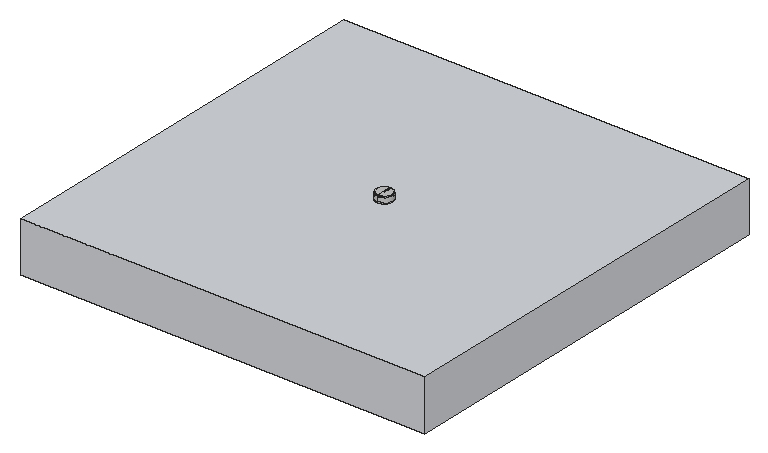
Revit family "DOD-220_Detector óptico convencional", category Dispositivos de alarma de incendios, Revit 2017
Family settings
  Anfitrión = Cara
  Mantener orientación de anotación = No
  Cota de conector redondo = Diámetro de uso
  Tipo de pieza = Normal
  Corte con vacíos al cargar = No
  Compartido = No
  Punto de cálculo de habitación = No
Parameters (values of type "DOD-220")
  Índice IP = "IP40"  # constant formula
  Voltaje = 230 V
  URL = "https://www.detnov.com/wp-content/uploads/2019/04/Datasheet_DOD-220-DS-281-es-2019-a.pdf"
  Tensión de trabajo = "De 9 a 38VCC"
  Cuerpo = ABS
  Consumo en reposo = "< 100 μA"
  Temperatura trabajo = "De -10ºC a 70ºC"  # constant formula
  Consumo en alarma = "< 100 mA"
  Profundidad = 42 mm  # constant formula
  Potencia total = 0 VA
  Conexionado = "2 x 1,5 mm² trenzado y conexión a base Z-200"
  Nº certificado = "0370-CPR-0880"
  Imagen de tipo = <Ninguno>
  Humedad relativa = "95% sin condensación"  # constant formula
  Fases = 1
  Email = "info@detnov.com"  # constant formula
  Teléfono = "(+34) 93 371 60 25"  # constant formula
  Modelo = "Detector DOD-220"
  Fabricante = "Detnov Security"  # constant formula
  Default Elevation = 1219.2 mm
  Descripción = "Detector óptico de humo convencional con led indicador de estado y salida para piloto remoto, sistema anti hurto. Marca Detnov, modelo DOD-220. Color blanco. Precisa base de conexión Z-200 o Z-200-H. Certificado CPR EN54-7. Dimensiones: 100 x 40 mm."
  Código de montaje = "PDETDOD-220"
  Comentarios de tipo = "El detector de incendios de Detnov ha sido desarrollado para asegurar una rápida reacción a los incendios, cumpliendo los máximos estándares de calidad y certificación requeridos en el mercado. Una fiabilidad única a la hora de detectar y proteger las instalaciones para reducir las falsas alarmas, siendo apropiados para las aplicaciones más exigentes."
  Certificación = "EN 54-7"
  Carga eléctrica = Otro
  Base de conexión [instance] = if([Base Z-200], "Base Z-200", "Base Z-200H")  # "Base Z-200"
  Base Z-200H [instance] = not([Base Z-200])  # no
  Base Z-200 [instance] = yes
  B [instance] = if([Base Z-200], 5 mm, 20 mm)  # 5 mm
  Anchura = 100 mm  # constant formula
  Altura = 100 mm  # constant formula
Reference planes
  plane 1 "Centro (Frontal/Posterior)": y = 0
  plane 2: z = 0
  plane 3 "Centro (Izquierda/Derecha)": x = 0
  plane 4 "Detector": z = 5
Forms (mm)
  Extrusion 1, solid
    sketch origin (0, 0, 0) x (1, 0, 0) y (0, 1, 0)
      loop
        line (-1219.2, 1219.2) -> (-1219.2, -1219.2) -> (1219.2, -1219.2) -> (1219.2, 1219.2) -> (-1219.2, 1219.2)
    from 0 to -304.8
Dimensions and locks
  "B": plane 4 "Detector" to plane 2
  aligned and locked: plane 2 to Extrusion 1
  aligned and locked: level to Extrusion 1
  aligned and locked: plane 3 "Centro (Izquierda/Derecha)" to nested 1
  aligned and locked: plane 1 "Centro (Frontal/Posterior)" to nested 1
Automatic sketch dimensions
  Extrusion 1 sketch curve to Extrusion 1 sketch curve = 2438.4 mm  (x2)
Nested families
  nested 1: "Detector" at (0, 0, 5), type "Detector"
  nested 2: "Z-200_Base de conexión" at (0, 0, 0), visible <- "Base Z-200", type "Z-200"
  nested 3: "Z-200_Base de conexión" at (0, 0, 0), visible <- "Base Z-200H", type "Z-200H"
Connectors
  electrical at (-11.032, 2.041, 0), driven by "Fases", driven by "Carga eléctrica", driven by "Voltaje", driven by "Potencia total"
    settings: on nested 2, index 1, voltage 230 V, apparent load 0 VA, apparent load phase1 0 VA, apparent load phase2 0 VA, apparent load phase3 0 VA, power factor 0.9, load classification "Otro", number of poles 1, system type 31, power factor state 1, is connector primary yes, connector utility no, sub classification motor no, connector description ""
  electrical at (11.032, -2.041, 0)
    settings: on nested 2, index 2, voltage 0 V, apparent load 0 VA, apparent load phase1 0 VA, apparent load phase2 0 VA, apparent load phase3 0 VA, power factor 1, load classification "Otro", number of poles 1, system type 11, power factor state 1, is connector primary no, connector utility no, sub classification motor no, connector description ""
Definition of nested family "Detector"
  Parameters (values of type "Detector")
    URL = ""
    Cuerpo = none
    Type Image = (empty or 0)
    Email = "info@detnov.com"  # constant formula
    Teléfono = "(+34) 93 371 60 25"  # constant formula
    Model = ""
    Manufacturer = "Detnov Security"  # constant formula
    Default Elevation = 1219.2 mm
    Description = ""
    Assembly Code = ""
    Type Comments = ""
  Reference planes
    plane 1 "Centro (Frontal/Posterior)": y = 0
    plane 2: z = 0
    plane 3 "Centro (Izquierda/Derecha)": x = 0
  Forms (mm)
    Extrusion 1, solid
      sketch origin (0, 0, 0) x (1, 0, 0) y (0, 1, 0)
        loop
          line (-1219.2, 1219.2) -> (-1219.2, -1219.2) -> (1219.2, -1219.2) -> (1219.2, 1219.2) -> (-1219.2, 1219.2)
      from 0 to -304.8
    Revolve 2, solid, material <- "Cuerpo"
      sketch origin (0, 0, 0) x (0, 1, 0) y (0, 0, 1)
        loop
          line (0, 0) -> (49.829, 0) -> (47.123, 32.399)
          arc (47.123, 32.399) -> (23.594, 34.281) -> (0, 34.956) r 460.738
          line (0, 34.956) -> (0, 0)
        axis (0, 34.956) -> (0, 0)
      angle from 0 to 360
    Extrusion 3, solid, material <- "Cuerpo"
      sketch origin (0, 0, 0) x (0, 1, 0) y (0, 0, 1)
        loop
          arc (45.347, 34.217) -> (43.8, 34.321) -> (42.253, 34.421) r 659.87
          line (42.253, 34.421) -> (42.253, 32.884)
          arc (42.253, 32.884) -> (44.68, 32.646) -> (47.105, 32.396) r 460.711
          arc (47.105, 32.396) -> (46.595, 33.663) -> (45.347, 34.217) r 1.82
        loop
          arc (0, 34.951) -> (16.137, 34.62) -> (32.253, 33.725) r 460.711
          line (32.253, 33.725) -> (32.253, 34.98)
          arc (32.253, 34.98) -> (16.131, 35.56) -> (0, 35.746) r 659.87
          line (0, 35.746) -> (0, 34.951)
      from -2 to 2
    Extrusion 4, void
      sketch origin (0, 0, 0) x (1, 0, 0) y (0, 1, 0)
        loop
          circle (0, 0) r 55
        loop
          line (-45.893, 2) -> (-47.081, 2)
          arc (-47.081, 2) -> (-47.123, 0) -> (-47.081, -2) r 47.123
          line (-47.081, -2) -> (-45.893, -2)
          arc (-45.893, -2) -> (-42.439, -17.579) -> (-33.865, -31.037) r 45.936
          line (-33.865, -31.037) -> (-34.705, -31.877)
          arc (-34.705, -31.877) -> (-33.321, -33.321) -> (-31.877, -34.705) r 47.123
          line (-31.877, -34.705) -> (-31.037, -33.865)
          arc (-31.037, -33.865) -> (-17.579, -42.439) -> (-2, -45.893) r 45.936
          line (-2, -45.893) -> (-2, -47.081)
          arc (-2, -47.081) -> (0, -47.123) -> (2, -47.081) r 47.123
          line (2, -47.081) -> (2, -45.893)
          arc (2, -45.893) -> (17.579, -42.439) -> (31.037, -33.865) r 45.936
          line (31.037, -33.865) -> (31.877, -34.705)
          arc (31.877, -34.705) -> (33.321, -33.321) -> (34.705, -31.877) r 47.123
          line (34.705, -31.877) -> (33.865, -31.037)
          arc (33.865, -31.037) -> (42.439, -17.579) -> (45.893, -2) r 45.936
          line (45.893, -2) -> (47.081, -2)
          arc (47.081, -2) -> (47.123, 0) -> (47.081, 2) r 47.123
          line (47.081, 2) -> (45.893, 2)
          arc (45.893, 2) -> (42.439, 17.579) -> (33.865, 31.037) r 45.936
          line (33.865, 31.037) -> (34.705, 31.877)
          arc (34.705, 31.877) -> (33.321, 33.321) -> (31.877, 34.705) r 47.123
          line (31.877, 34.705) -> (31.037, 33.865)
          arc (31.037, 33.865) -> (17.579, 42.439) -> (2, 45.893) r 45.936
          line (2, 45.893) -> (2, 47.081)
          arc (2, 47.081) -> (0, 47.123) -> (-2, 47.081) r 47.123
          line (-2, 47.081) -> (-2, 45.893)
          arc (-2, 45.893) -> (-17.579, 42.439) -> (-31.037, 33.865) r 45.936
          line (-31.037, 33.865) -> (-31.877, 34.705)
          arc (-31.877, 34.705) -> (-33.321, 33.321) -> (-34.705, 31.877) r 47.123
          line (-34.705, 31.877) -> (-33.865, 31.037)
          arc (-33.865, 31.037) -> (-42.439, 17.579) -> (-45.893, 2) r 45.936
      from 25 to 40
    Extrusion 5, solid
      sketch origin (0, 0, 0) x (0, 1, 0) y (0, 0, 1)
        loop
          arc (42.253, 34.421) -> (37.254, 34.719) -> (32.253, 34.98) r 659.87
          line (32.253, 34.98) -> (32.253, 33.725)
          arc (32.253, 33.725) -> (37.256, 33.332) -> (42.253, 32.884) r 460.711
          line (42.253, 32.884) -> (42.253, 34.421)
      from -2 to 2
    Extrusion 6, void
      sketch origin (0, 0, 0) x (1, 0, 0) y (0, 1, 0)
        loop
          circle (0, 0) r 45.936
      from 0 to 31
  Cuts and joins
    Extrusion 4, Extrusion 6 cuts Revolve 2
  Dimensions and locks
    aligned and locked: plane 2 to Extrusion 1
    aligned and locked: level to Extrusion 1
Definition of nested family "Z-200_Base de conexión"
  Parameters (values of type "Z-200")
    Voltaje = 230 V
    URL = "https://www.detnov.com/wp-content/uploads/2019/04/Datasheet_Z-200_H-DS-235-es-2019-a.pdf"
    Cuerpo = none
    Potencia total = 0 VA
    Type Image = (empty or 0)
    Fases = 1
    Email = "info@detnov.com"  # constant formula
    Teléfono = "(+34) 93 371 60 25"  # constant formula
    Model = "Base de conexiones Z-200"
    Manufacturer = "Detnov Security"  # constant formula
    Default Elevation = 1219.2 mm
    Description = "Base de conexión para detectores de las series 200 y 200A. Marca Detnov, modelo Z-200. Dispone de sistema anti hurto del detector. Contactos metálicos inoxidables. Color blanco. Dimensiones: 5 x 100 mm."
    Assembly Code = "PDETZ-200"
    Type Comments = "Esta base dispone de 4 contactos metálicos inoxidables. El diseño está pensado para obtener un producto de bajo perfil. Se inyecta en ABS de color blanco, además está provisto de un sistema antihurto que nos permite bloquear la cabeza del detector, siendo necesaria una herramienta para su extracción."  # constant formula
    Carga eléctrica = none
    Base = 5 mm
    Anchura = 100 mm  # constant formula
    Altura = 28 mm
  Types (3, lengths in mm): name | Model | Description | Assembly Code | Base | Altura
    (no name) | "Base de conexiones Z-200" | "Base de conexión para detectores de las series 200 y 200A. Marca Detnov, modelo Z-200. Dispone de sistema anti hurto del detector. Contactos metálicos inoxidables. Color blanco. Dimensiones: 5 x 100 mm." | "PDETZ-200" | 5 | 28
    Z-200 | "Base de conexiones Z-200" | "Base de conexión para detectores de las series 200 y 200A. Marca Detnov, modelo Z-200. Dispone de sistema anti hurto del detector. Contactos metálicos inoxidables. Color blanco. Dimensiones: 5 x 100 mm." | "PDETZ-200" | 5 | 28
    Z-200H | "Base de conexiones Z-200-H" | "Base de conexión con entrada de tubo visto para detectores de las series 200 y 200A. Marca Detnov, modelo Z-200-H. Dispone de sistema anti hurto del detector. Contactos metálicos inoxidables. Color blanco. Dimensiones: 43 x 100 mm." | "PDETZ-200-H" | 20 | 43
  Reference planes
    plane 1 "Centro (Frontal/Posterior)": y = 0
    plane 2: z = 0
    plane 3 "Centro (Izquierda/Derecha)": x = 0
    plane 4 "Base": z = 5
  Forms (mm)
    Extrusion 1, solid
      sketch origin (0, 0, 0) x (1, 0, 0) y (0, 1, 0)
        loop
          line (-1219.2, 1219.2) -> (-1219.2, -1219.2) -> (1219.2, -1219.2) -> (1219.2, 1219.2) -> (-1219.2, 1219.2)
      from 0 to -304.8
    Revolve 2, solid, material <- "Cuerpo"
      sketch origin (0, 0, 0) x (0, 1, 0) y (0, 0, 1)
        loop
          line (0, 0) -> (50.006, 0) -> (50.006, 5) -> (0, 5) -> (0, 0)
        axis (0, 5) -> (0, 0)
      angle from 0 to 360
    Extrusion 3, void
      sketch origin (0, 0, 0) x (1, 0, 0) y (0, 1, 0)
        loop
          line (-37.164, -3.621) -> (-24.164, -3.621)
          arc (-24.164, -3.621) -> (-20.543, 0) -> (-24.164, 3.621) r 3.621
          line (-24.164, 3.621) -> (-37.164, 3.621)
          arc (-37.164, 3.621) -> (-40.786, 0) -> (-37.164, -3.621) r 3.621
        loop
          arc (37.164, -3.621) -> (40.786, 0) -> (37.164, 3.621) r 3.621
          line (37.164, 3.621) -> (24.164, 3.621)
          arc (24.164, 3.621) -> (20.543, 0) -> (24.164, -3.621) r 3.621
          line (24.164, -3.621) -> (37.164, -3.621)
        loop
          line (-22.193, 12.652) -> (-19.771, 7.418)
          arc (-19.771, 7.418) -> (-15.699, -0.429) -> (-20.543, -7.824) r 8.755
          line (-20.543, -7.824) -> (-15.921, -17.809) -> (0, -17.809) -> (14.969, -10.88) -> (16.919, -15.093) -> (22.193, -12.652) -> (19.771, -7.418)
          arc (19.771, -7.418) -> (15.554, 0.436) -> (20.543, 7.824) r 8.621
          line (20.543, 7.824) -> (15.921, 17.809) -> (0, 17.809) -> (-14.969, 10.88) -> (-16.919, 15.093) -> (-22.193, 12.652)
      from 0 to 5
  Cuts and joins
    Extrusion 3 cuts Revolve 2
  Dimensions and locks
    "Base": plane 4 "Base" to plane 2
    aligned and locked: plane 2 to Extrusion 1
    aligned and locked: level to Extrusion 1
    aligned and locked: plane 4 "Base" to Extrusion 3
    aligned and locked: plane 4 "Base" to cut or joined group of Revolve 2, Extrusion 3
    aligned and locked: plane 1 "Centro (Frontal/Posterior)" to nested 1
    aligned and locked: plane 3 "Centro (Izquierda/Derecha)" to nested 1
  Automatic sketch dimensions
    Extrusion 1 sketch curve to Extrusion 1 sketch curve = 2438.4 mm  (x2)
    Revolve 2 sketch curve to plane 1 "Centro (Frontal/Posterior)" = 0 mm  (x2)
    Revolve 2 sketch curve to level = 0 mm
    Revolve 2 sketch curve to plane 4 "Base" = 0 mm
    Revolve 2 sketch curve to level = 100 mm
    plane 4 "Base" to Revolve 2 sketch curve = 324.504 mm
    Extrusion 3 sketch curve to plane 3 "Centro (Izquierda/Derecha)" = 0 mm  (x2)
    plane 1 "Centro (Frontal/Posterior)" to Extrusion 3 sketch curve = 0 mm
    Extrusion 3 sketch curve to plane 3 "Centro (Izquierda/Derecha)" = 14.969 mm
    Extrusion 3 sketch curve to Extrusion 3 sketch curve = 15.921 mm
    Extrusion 3 sketch curve to Extrusion 3 sketch curve = 1.95 mm  (x2)
    Extrusion 3 sketch curve to plane 1 "Centro (Frontal/Posterior)" = 7.418 mm
    Extrusion 3 sketch curve to Extrusion 3 sketch curve = 4.802 mm  (x2)
    plane 1 "Centro (Frontal/Posterior)" to Extrusion 3 sketch curve = 7.824 mm
    Extrusion 3 sketch curve to Extrusion 3 sketch curve = 4.622 mm  (x2)
    Extrusion 3 sketch curve to Extrusion 3 sketch curve = 2.422 mm  (x2)
    Extrusion 3 sketch curve to plane 1 "Centro (Frontal/Posterior)" = 3.621 mm
    Extrusion 3 sketch curve to Extrusion 3 sketch curve = 4.393 mm
    Extrusion 3 sketch curve to plane 1 "Centro (Frontal/Posterior)" = 0.014 mm
    Extrusion 3 sketch curve to plane 1 "Centro (Frontal/Posterior)" = 0 mm  (x2)
    Extrusion 3 sketch curve to Extrusion 3 sketch curve = 12.722 mm
    plane 3 "Centro (Izquierda/Derecha)" to Extrusion 3 sketch curve = 14.969 mm
    plane 3 "Centro (Izquierda/Derecha)" to Extrusion 3 sketch curve = 15.921 mm
    Extrusion 3 sketch curve to plane 1 "Centro (Frontal/Posterior)" = 7.824 mm
    Extrusion 3 sketch curve to Extrusion 3 sketch curve = 3.621 mm
    Extrusion 3 sketch curve to Extrusion 3 sketch curve = 0 mm
    plane 1 "Centro (Frontal/Posterior)" to Extrusion 3 sketch curve = 3.621 mm
    Extrusion 3 sketch curve to Extrusion 3 sketch curve = 13 mm
    Extrusion 3 sketch curve to Extrusion 3 sketch curve = 4.213 mm  (x2)
    Revolve 2 sketch curve to Revolve 2 sketch curve = 50.006 mm
    Extrusion 3 sketch curve to Extrusion 3 sketch curve = 3.462 mm  (x2)
    Extrusion 3 sketch curve to Extrusion 3 sketch curve = 5.233 mm  (x2)
    Extrusion 3 sketch curve to Extrusion 3 sketch curve = 6.929 mm
    Extrusion 3 sketch curve to Extrusion 3 sketch curve = 9.985 mm
  Nested families
    nested 1: "Base de conexión" at (0, 0, 5), type "Base de conexión"
  Connectors
    electrical at (0, 0, 0), driven by "Carga eléctrica", driven by "Voltaje", driven by "Potencia total"
      settings: on Revolve 2, index 3, voltage 230 V, apparent load 0 VA, apparent load phase1 0 VA, apparent load phase2 0 VA, apparent load phase3 0 VA, power factor 0.9, load classification none, number of poles 1, system type 31, power factor state 1, is connector primary yes, connector utility no, sub classification motor no, connector description ""
    electrical at (0, 0, 0)
      settings: on Revolve 2, index 4, voltage 0 V, apparent load 0 VA, apparent load phase1 0 VA, apparent load phase2 0 VA, apparent load phase3 0 VA, power factor 1, load classification none, number of poles 1, system type 11, power factor state 1, is connector primary no, connector utility no, sub classification motor no, connector description ""
  Definition of nested family "Base de conexión"
    Parameters (values of type "Base de conexión")
      URL = ""
      Cuerpo = none
      Type Image = (empty or 0)
      Email = "info@detnov.com"  # constant formula
      Teléfono = "(+34) 93 371 60 25"  # constant formula
      Model = ""
      Manufacturer = "Detnov Security"  # constant formula
      Default Elevation = 1219.2 mm
      Description = ""
      Assembly Code = ""
      Type Comments = ""
    Reference planes
      plane 1 "Centro (Frontal/Posterior)": y = 0
      plane 2: z = 0
      plane 3 "Centro (Izquierda/Derecha)": x = 0
      plane 4 "T4": y = 33.924
      plane 5: y = 20.23
      plane 6: y = -20.23
      plane 7 "T3": y = -33.924
      plane 8: through (10.821, -30.905, 1219.2) normal (-0.4201, 0.9075, 0)
      plane 9 "T2": through (4.382, -18.796, 1219.2) normal (-0.4201, 0.9075, 0)
      plane 10: through (-23.948, 24.829, 1219.2) normal (-0.4201, 0.9075, 0)
      plane 11 "T1": through (-18.196, 12.402, 1219.2) normal (-0.4201, 0.9075, 0)
    Forms (mm)
      Extrusion 1, solid
        sketch origin (0, 0, 0) x (1, 0, 0) y (0, 1, 0)
          loop
            line (-1219.2, 1219.2) -> (-1219.2, -1219.2) -> (1219.2, -1219.2) -> (1219.2, 1219.2) -> (-1219.2, 1219.2)
        from 0 to -304.8
      Revolve 2, solid, material <- "Cuerpo"
        sketch origin (0, 0, 0) x (0, 1, 0) y (0, 0, 1)
          loop
            line (0, 0) -> (47.457, 0) -> (47.457, 16.5) -> (44.457, 16.5) -> (44.457, 6.5) -> (0, 6.5) -> (0, 0)
          axis (0, 16.5) -> (0, 0)
        angle from 0 to 360
      Extrusion 3, void
        sketch origin (0, 0, 0) x (1, 0, 0) y (0, 1, 0)
          loop
            line (-37.164, -3.621) -> (-24.164, -3.621)
            arc (-24.164, -3.621) -> (-20.543, 0) -> (-24.164, 3.621) r 3.621
            line (-24.164, 3.621) -> (-37.164, 3.621)
            arc (-37.164, 3.621) -> (-40.786, 0) -> (-37.164, -3.621) r 3.621
          loop
            arc (37.164, -3.621) -> (40.786, 0) -> (37.164, 3.621) r 3.621
            line (37.164, 3.621) -> (24.164, 3.621)
            arc (24.164, 3.621) -> (20.543, 0) -> (24.164, -3.621) r 3.621
            line (24.164, -3.621) -> (37.164, -3.621)
          loop
            line (-22.193, 12.652) -> (-19.771, 7.418)
            arc (-19.771, 7.418) -> (-15.699, -0.429) -> (-20.543, -7.824) r 8.755
            line (-20.543, -7.824) -> (-15.921, -17.809) -> (0, -17.809) -> (14.969, -10.88) -> (16.919, -15.093) -> (22.193, -12.652) -> (19.771, -7.418)
            arc (19.771, -7.418) -> (15.554, 0.436) -> (20.543, 7.824) r 8.621
            line (20.543, 7.824) -> (15.921, 17.809) -> (0, 17.809) -> (-14.969, 10.88) -> (-16.919, 15.093) -> (-22.193, 12.652)
        from 0 to 16.5
      Extrusion 4, solid, material <- "Cuerpo"
        sketch origin (0, -33.924, -15.5) x (1, 0, 0) y (0, 0, 1)
          loop
            line (-2.31, 22) -> (-2.31, 27) -> (-6.742, 27)
            arc (-6.742, 27) -> (-9.148, 29.406) -> (-11.554, 27) r 2.406
            line (-11.554, 27) -> (-11.554, 22) -> (-2.31, 22)
        from 0 to -13.693
      Extrusion 5, solid, material <- "Cuerpo"
        sketch origin (0, 33.924, -15.5) x (1, 0, 0) y (0, 0, 1)
          loop
            line (2.31, 22) -> (11.554, 22) -> (11.554, 27)
            arc (11.554, 27) -> (8.723, 29.831) -> (5.891, 27) r 2.831
            line (5.891, 27) -> (2.31, 27) -> (2.31, 22)
        from 0 to 13.693
      Extrusion 6, solid, material <- "Cuerpo"
        sketch origin (-7.938, 17.15, -15.5) x (-0.907499, -0.420055, 0) y (0, 0, 1)
          loop
            line (6.045, 27) -> (2.384, 27)
            arc (2.384, 27) -> (-0.389, 29.773) -> (-3.162, 27) r 2.773
            line (-3.162, 27) -> (-3.162, 22) -> (6.045, 22) -> (6.045, 27)
        from 0 to 13.693
      Extrusion 7, solid, material <- "Cuerpo"
        sketch origin (7.938, -17.15, -15.5) x (-0.907499, -0.420055, 0) y (0, 0, 1)
          loop
            line (-6.045, 22) -> (3.162, 22) -> (3.162, 27)
            arc (3.162, 27) -> (0.498, 29.665) -> (-2.167, 27) r 2.665
            line (-2.167, 27) -> (-6.045, 27) -> (-6.045, 22)
        from 0 to -13.693
      Extrusion 8, void
        sketch origin (0, 0, 0) x (1, 0, 0) y (0, 1, 0)
          loop
            line (10, 43.318) -> (10, 46.392)
            arc (10, 46.392) -> (-0.004, 47.457) -> (-10.007, 46.39) r 47.457
            line (-10.007, 46.39) -> (-10, 43.318)
            arc (-10, 43.318) -> (0, 44.457) -> (10, 43.318) r 44.457
          loop
            line (-42.514, -12.999) -> (-45.176, -14.536)
            arc (-45.176, -14.536) -> (-40.956, -23.975) -> (-34.791, -32.276) r 47.457
            line (-34.791, -32.276) -> (-32.094, -30.764)
            arc (-32.094, -30.764) -> (-38.347, -22.493) -> (-42.514, -12.999) r 44.457
          loop
            arc (42.514, -12.999) -> (38.347, -22.493) -> (32.094, -30.764) r 44.457
            line (32.094, -30.764) -> (34.791, -32.276)
            arc (34.791, -32.276) -> (40.956, -23.975) -> (45.176, -14.536) r 47.457
            line (45.176, -14.536) -> (42.514, -12.999)
        from 6.5 to 16.5
    Cuts and joins
      Extrusion 3, Extrusion 8 cuts Revolve 2
    Dimensions and locks
      aligned and locked: plane 2 to Extrusion 1
      aligned and locked: level to Extrusion 1
